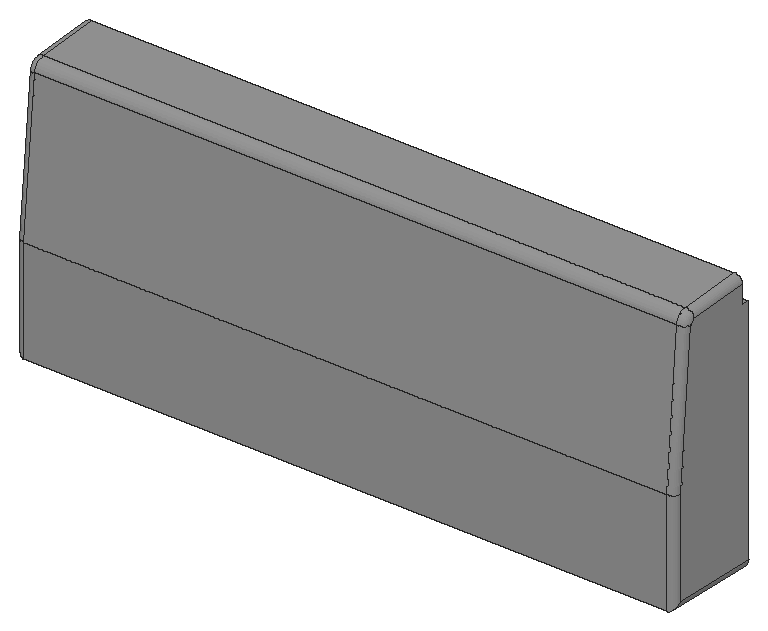
Revit family "Internal block_36__160_FC", category Оборудование, Revit 2021
Family settings
  Размер круглого соединителя = Использовать диаметр
  Классификация = Нет
  Тип детали = Нормальный
  На основе рабочей плоскости = Нет
  Всегда вертикально = Да
  При загрузке вырезать с полостями = Нет
  Общий = Нет
  Точка принадлежности помещению = Нет
Parameters (values of type "BLHV-90-I-FC-AC/1R1A")
  r1 = r * 5  # 300 mm
  r = 60 mm
  Width = 528 mm
  Weight = 41.00 kg
  Pressure_Static_Air [instance] = 0.0 Pa
  Power = 200 W
  Maximum Air Flow = 0.0 L/s
  Load Classification = "HVAC"
  Length = 1150 mm
  Height = 870 mm
  Отметка по умолчанию = 0 mm
  Изготовитель = "BLAUBERG"  # constant formula
  URL = ""
  Maintenance zone material = none
  Grid Material = Mesh, steel, painted,  white
  Casing Material = Plastic white
  C = 235 mm  # constant formula
  B = 675 mm  # constant formula
  Air Flow [instance] = 0.0 L/s
  A = 1670 mm
  09_System_Name [instance] = ""
  00_20_Type = "BLHV-90-I-FC-AC/1R1A"
  00_20_Name = "Internal block"  # constant formula
  00_20_Manufacturer = "BLAUBERG"  # constant formula
Types (10, lengths in mm): name | Weight | Power | A | 00_20_Type
  (no name) | 41.00 kg | 200 W | 1670 | "BLHV-90-I-FC-AC/1R1A"
  BLHV-36-I-FC-AC/1R1A | 26.50 kg | 90 W | 1050 | "BLHV-36-I-FC-AC/1R1A"
  BLHV-160-I-FC-AC/1R1A | 41.00 kg | 200 W | 1670 | "BLHV-160-I-FC-AC/1R1A"
  BLHV-45-I-FC-AC/1R1A | 26.50 kg | 90 W | 1050 | "BLHV-45-I-FC-AC/1R1A"
  BLHV-56-I-FC-AC/1R1A | 26.50 kg | 90 W | 1050 | "BLHV-56-I-FC-AC/1R1A"
  BLHV-71-I-FC-DC/1R1A | 32.50 kg | 100 W | 1300 | "BLHV-71-I-FC-DC/1R1A"
  BLHV-80-I-FC-AC/1R1A | 32.50 kg | 100 W | 1300 | "BLHV-80-I-FC-AC/1R1A"
  BLHV-90-I-FC-AC/1R1A | 41.00 kg | 200 W | 1670 | "BLHV-90-I-FC-AC/1R1A"
  BLHV-112-I-FC-AC/1R1A | 41.00 kg | 200 W | 1670 | "BLHV-112-I-FC-AC/1R1A"
  BLHV-140-I-FC-AC/1R1A | 41.00 kg | 200 W | 1670 | "BLHV-140-I-FC-AC/1R1A"
Reference planes
  plane 1 "По центру (Вперед/Назад)": y = 0
  plane 2: z = 0
  plane 3 "По центру (Влево/Вправо)": x = 0
  plane 4 "Width": y = -235
  plane 5 "height": z = 675
  plane 6: x = -835
  plane 7: x = 835
Forms (mm)
  Extrusion 1, solid, material "Plastic white" <- "Casing Material"
    sketch origin (0, 0, 0) x (0, 1, 0) y (0, 0, 1)
      loop
        line (0, 610) -> (-20, 610) -> (-20, 675.393) -> (-173.825, 663.313)
        arc (-173.825, 663.313) -> (-192.802, 654.505) -> (-201.408, 635.435) r 30
        line (-201.408, 635.435) -> (-235, 265) -> (-235, 0) -> (0, 0) -> (0, 610)
    from -835 to 835
  Sweep 2, void
    path in 3D
      loop
        line (-835, 0, 0) -> (-835, -235, 0) -> (-835, -235, 265) -> (-835, -201.408, 635.435)
        arc (-835, -201.408, 635.435) -> (-835, -192.802, 654.505) -> (-835, -173.825, 663.313) r 30
        line (-835, -173.825, 663.313) -> (-835, -20, 675.393)
    profile origin (-835, -96.913, 669.353) x (0, 0.078285, -0.996931) y (-1, 0, 0)
      loop
        line (0, 0) -> (0, -20)
        arc (0, -20) -> (5.858, -5.858) -> (20, 0) r 20
        line (20, 0) -> (0, 0)
  Sweep 3, void
    path in 3D
      loop
        line (835, -20, 675.393) -> (835, -173.825, 663.313)
        arc (835, -173.825, 663.313) -> (835, -192.802, 654.505) -> (835, -201.408, 635.435) r 30
        line (835, -201.408, 635.435) -> (835, -235, 265) -> (835, -235, 0) -> (835, 0, 0)
    profile origin (835, -96.913, 669.353) x (0, 0.078285, -0.996931) y (1, 0, 0)
      loop
        line (0, 0) -> (0, -20)
        arc (0, -20) -> (5.858, -5.858) -> (20, 0) r 20
        line (20, 0) -> (0, 0)
Cuts and joins
  Sweep 2, Sweep 3 cuts Extrusion 1
Lines and regions (mm)
  Split face 1
    outline origin (835, -235, 265) x (-1, 0, 0) y (0, 0, -1)
      loop
        line (1620, 22.732) -> (1620, 235) -> (845, 235) -> (845, 22.732) -> (1620, 22.732)
  Split face 2
    outline origin (835, -235, 265) x (-1, 0, 0) y (0, 0, -1)
      loop
        line (825, 22.732) -> (825, 235) -> (50, 235) -> (50, 22.732) -> (825, 22.732)
  sketch lines
    curve 1: line (-835, -173.825, 663.313) -> (-835, -20, 675.393)
    curve 2: arc (-835, -173.825, 663.313) -> (-835, -192.802, 654.505) -> (-835, -201.408, 635.435) r 30
    curve 3: line (-835, -235, 265) -> (-835, -201.408, 635.435)
    curve 4: line (-835, -235, 0) -> (-835, -235, 265)
    curve 5: line (-835, 0, 0) -> (-835, -235, 0)
    curve 6: line (835, -20, 675.393) -> (835, -173.825, 663.313)
    curve 7: arc (835, -201.408, 635.435) -> (835, -192.802, 654.505) -> (835, -173.825, 663.313) r 30
    curve 8: line (835, -201.408, 635.435) -> (835, -235, 265)
    curve 9: line (835, -235, 265) -> (835, -235, 0)
    curve 10: line (835, -235, 0) -> (835, 0, 0)
Dimensions and locks
  "B": plane 5 "height" to level
  "C": plane 4 "Width" to plane 1 "По центру (Вперед/Назад)"
  equal spacing: plane 6, plane 3 "По центру (Влево/Вправо)", plane 7
  "A": plane 6 to plane 7
  locked: Split face 1 sketch curve to plane 6 at 50
  locked: plane 3 "По центру (Влево/Вправо)" to Split face 1 sketch curve at 10
  locked: Split face 2 sketch curve to plane 3 "По центру (Влево/Вправо)" at 10
  locked: Split face 2 sketch curve to plane 7 at 50
  radius of Extrusion 1 sketch curve = 30 mm
  aligned and locked: level to plane 2
  aligned and locked: Extrusion 1 to plane 6
  aligned and locked: plane 7 to Extrusion 1
Automatic sketch dimensions
  Extrusion 1 sketch curve to level = 0 mm
  Extrusion 1 sketch curve to plane 4 "Width" = 0 mm
  Extrusion 1 sketch curve to plane 1 "По центру (Вперед/Назад)" = 0 mm
  Extrusion 1 sketch curve to plane 4 "Width" = 33.592 mm
  Extrusion 1 sketch curve to plane 5 "height" = 11.687 mm
  Extrusion 1 sketch curve to Extrusion 1 sketch curve = 27.583 mm
  plane 5 "height" to Extrusion 1 sketch curve = 0.393 mm
  plane 1 "По центру (Вперед/Назад)" to Extrusion 1 sketch curve = 20 mm
  level to Extrusion 1 sketch curve = 265 mm
  Extrusion 1 sketch curve to plane 5 "height" = 65 mm
  Extrusion 1 sketch curve to Extrusion 1 sketch curve = 2.029 mm
  profile plane to Sweep 2 sketch curve = 0 mm
  Sweep 2 sketch curve to profile plane = 0 mm
  Sweep 2 sketch curve to Sweep 2 sketch curve = 20 mm
  Sweep 3 sketch curve to profile plane = 0 mm  (x2)
  Sweep 3 sketch curve to Sweep 3 sketch curve = 20 mm
  cut or joined group of Extrusion 1, Sweep 2, Sweep 3 to Split face 1 sketch curve = 22.732 mm
  Split face 1 sketch curve to cut or joined group of Extrusion 1, Sweep 2, Sweep 3 = 30 mm
  cut or joined group of Extrusion 1, Sweep 2, Sweep 3 to Split face 2 sketch curve = 22.732 mm
  Split face 2 sketch curve to cut or joined group of Extrusion 1, Sweep 2, Sweep 3 = 30 mm
